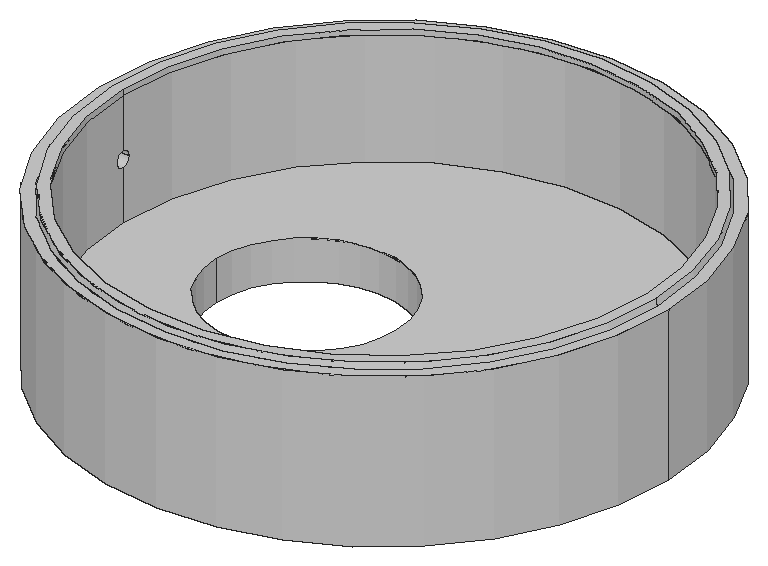
Revit family "KSPF.V 20.6", category Фундамент несущей конструкции, Revit 2025
Family settings
  Материал для поведения модели = Прочее
  Заглушка = Нет
  Номер OmniClass = 23.25.05.00
  Заголовок OmniClass = Foundations
  На основе рабочей плоскости = Нет
  Всегда вертикально = Да
  При загрузке вырезать с полостями = Нет
  Общий = Нет
  Показывать семейство разрезанным на планах = Да
Parameters
  Петля = Петля_П1_П2 : П2
Reference planes
  plane 1 "По центру (Вперед/Назад)": y = -35
  plane 2: z = 0
  plane 3 "По центру (Влево/Вправо)": x = 0
  plane 4: z = 610
  plane 5: z = 490
  plane 6: x = -1010
  plane 7: x = -1100
  plane 8: z = 370
  plane 9: x = -1090
  plane 10: x = 1010
  plane 11: x = 1100
  plane 12: x = 1090
  plane 13: x = -650
  plane 14: x = 50
  plane 15: x = -300
Forms (mm)
  Extrusion 1, solid, material "Бетон В15"
    sketch origin (0, 0, 0) x (1, 0, 0) y (0, 1, 0)
      loop
        circle (0, -35) r 1100
      loop
        circle (0, -35) r 1010
    from 0 to 590
  Extrusion 2, void
    sketch origin (0, 0, 0) x (0, 1, 0) y (0, 0, 1)
      loop
        circle (-35, 370) r 30
    from -1090 to 1090
  Extrusion 3, solid, material "Бетон В15"
    sketch origin (0, 0, 0) x (1, 0, 0) y (0, 1, 0)
      loop
        circle (0, -35) r 1010
      loop
        circle (-300, -35) r 350
    from 0 to 150
  Blend 4, solid, material "Бетон В15"
    base sketch origin (0, 0, 0) x (1, 0, 0) y (0, 1, 0)
      loop
        circle (0, -35) r 1057.35
    top sketch origin (0, 0, 0) x (1, 0, 0) y (0, 1, 0)
      loop
        circle (0, -35) r 1050
    from 590 to 610
  Extrusion 5, void
    sketch origin (0, 0, 0) x (1, 0, 0) y (0, 1, 0)
      loop
        circle (0, -35) r 1010
    from 590 to 610
Cuts and joins
  Extrusion 2, Extrusion 5 cuts Extrusion 1
  Extrusion 5 cuts Extrusion 3
  Extrusion 5 cuts Blend 4
  joined: Extrusion 1, Extrusion 3, Blend 4
Dimensions and locks
  plane 4 to level = 610 mm
  plane 8 to level = 370 mm
  aligned and locked: plane 2 to level
